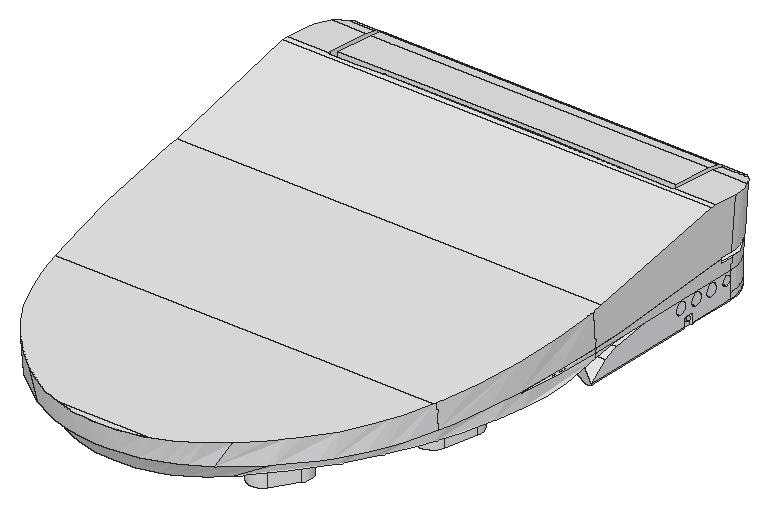
Revit family "Toilet_Seat-Elongated_Closed_Front-Cleansing-KOHLER-C3_1150-K-28362X_1", category Plumbing Fixtures, host Face, Revit 2021 (continued)
Definition of nested family "K-28362X"
  Lines and regions (in)
    symbolic lines, detail levels medium+fine
      curve 160: line (0, -1.81213, 1.21466) -> (0, -1.73983, 1.21466)
      curve 161: line (0, -3.29005, 1.39239) -> (0, -3.54651, 1.39239)
      curve 162: arc (0, -3.54651, 1.39239) -> (0, -3.60219, 1.36933) -> (0, -3.62525, 1.31365) r 0.07874
      curve 163: arc (0, -3.21131, 1.31365) -> (0, -3.23438, 1.36933) -> (0, -3.29005, 1.39239) r 0.07874
      curve 164: line (0, -3.21131, 1.31365) -> (0, -3.21131, 0.91732)
      curve 165: line (0, -3.62525, 1.31365) -> (0, -3.62525, 0.91732)
      curve 166: line (0, -3.12425, 1.38413) -> (0, -3.25494, 1.38413)
      curve 167: line (0, -2.46022, 1.17441) -> (0, -2.89432, 1.17441)
      curve 168: line (0, -1.81213, 1.176) -> (0, -0.20812, 1.176)
      curve 169: line (0, -1.81213, 1.21466) -> (0, -3.02881, 1.21466)
      curve 170: line (0, -1.89181, 1.21466) -> (0, -1.89181, 1.86201)
      curve 171: line (0, -2.24297, 1.86201) -> (0, -2.24297, 1.46831)
      curve 172: line (0, -2.24297, 1.46831) -> (0, -2.28177, 1.46831)
      curve 173: arc (0, -1.89181, 1.86201) -> (0, -2.06739, 2.03759) -> (0, -2.24297, 1.86201) r 0.17558
      curve 174: arc (0, -2.28177, 1.46831) -> (0, -2.57705, 1.76359) -> (0, -2.87232, 1.46831) r 0.29528
      curve 175: line (0, -2.87232, 1.46831) -> (0, -2.87232, 1.21466)
      curve 176: line (0, 0, 1.84336) -> (0, -0.19685, 1.84336)
      curve 177: line (0, -0.19685, 1.84336) -> (0, -0.19685, 1.38413)
      curve 178: line (0, -4.93094, 0.43136) -> (0, -4.44497, 0.91732)
      curve 179: line (0, -7.83541, 1.13476) -> (0, -3.61139, 1.13476)
      curve 180: line (0, -3.21131, 1.11549) -> (0, -3.02462, 1.11549)
      curve 181: line (0, -1.81213, 1.11549) -> (0, -0.26864, 1.11549)
      curve 182: line (0, -7.2775, 1.58243) -> (0, -7.46952, 1.176)
      curve 183: line (0, -7.46952, 1.176) -> (0, -7.21084, 0.91732)
      curve 184: spline (0, -0.0414, 3.06767) -> (0, -0.0578, 3.05496) -> (0, -0.07649, 3.04095) -> (0, -0.09744, 3.02569) -> (0, -0.12062, 3.00919) -> (0, -0.14598, 2.99148) -> (0, -0.17347, 2.97261) -> (0, -0.20306, 2.95259) -> (0, -0.23467, 2.93147) -> (0, -0.26827, 2.90929) -> (0, -0.30378, 2.88607) -> (0, -0.34114, 2.86188) -> (0, -0.38029, 2.83674)
      curve 185: spline (0, -0.38029, 2.83674) -> (0, -0.41028, 2.81904) -> (0, -0.44157, 2.80228) -> (0, -0.47411, 2.78649) -> (0, -0.50787, 2.77169) -> (0, -0.5428, 2.75789) -> (0, -0.57885, 2.74512) -> (0, -0.61599, 2.73339) -> (0, -0.65415, 2.72272) -> (0, -0.6933, 2.71311) -> (0, -0.73338, 2.70459) -> (0, -0.77434, 2.69717) -> (0, -0.81613, 2.69084)
      curve 186: spline (0, -0.73733, 2.51115) -> (0, -0.64545, 2.53324) -> (0, -0.55822, 2.55555) -> (0, -0.47606, 2.57799) -> (0, -0.39936, 2.60044) -> (0, -0.3285, 2.6228) -> (0, -0.26382, 2.64496) -> (0, -0.20561, 2.66681) -> (0, -0.15417, 2.68825) -> (0, -0.10974, 2.70918) -> (0, -0.07252, 2.7295) -> (0, -0.04271, 2.7491) -> (0, -0.02044, 2.7679)
      curve 187: arc (0, -1.76225, 1.85681) -> (0, -2.48359, 2.44738) -> (0, -3.12425, 1.77014) r 0.68413
      curve 188: line (0, -0.81613, 2.69084) -> (0, -2.3823, 2.52623)
      curve 189: line (0, -2.3823, 2.52623) -> (0, -4.64974, 2.44705)
      curve 190: line (0, -4.64974, 2.44705) -> (0, -12.87318, 2.0243)
      curve 191: arc (0, -12.87318, 2.0243) -> (0, -16.58763, 1.88077) -> (0, -20.30454, 1.83193) r 145.87605
      curve 192: arc (0, -20.0352, 1.78733) -> (0, -18.95252, 1.77332) -> (0, -17.86985, 1.78733) r 41.85311
      curve 193: arc (0, -17.86985, 1.78733) -> (0, -11.74924, 2.00831) -> (0, -5.63442, 2.35433) r 299.69268
      curve 194: arc (0, -5.63442, 2.35433) -> (0, -3.96644, 2.44313) -> (0, -2.29667, 2.48668) r 61.60574
      curve 195: arc (0, -2.29667, 2.48668) -> (0, -1.51569, 2.41541) -> (0, -0.73733, 2.51115) r 3.68202
      curve 196: arc (0, -6.96153, 1.62123) -> (0, -5.31908, 2.02172) -> (0, -3.68462, 2.45366) r 88.10831
      curve 197: arc (0, -6.85664, 1.76042) -> (0, -5.37976, 2.06015) -> (0, -3.92271, 2.44485) r 26.0288
      curve 198: arc (0, -5.09167, 2.3882) -> (0, -6.44282, 2.11565) -> (0, -7.80571, 1.90965) r 28.11493
      curve 199: arc (0, -7.80571, 1.90965) -> (0, -11.43775, 1.56762) -> (0, -15.08414, 1.45572) r 57.7178
      curve 200: arc (0, -15.08414, 1.45572) -> (0, -17.41157, 1.43448) -> (0, -19.7381, 1.36642) r 115.70256
      curve 201: line (0, -15.73157, 1.22238) -> (0, -17.50306, 1.19888)
      curve 202: line (0, -15.87791, 1.1253) -> (0, -17.33245, 1.10601)
      curve 203: line (0, -10.74329, 1.2966) -> (0, -13.00946, 1.2966)
      curve 204: line (-7.4128, -3.65709, 0) -> (-7.45552, -6.10457, 0)
      curve 205: line (0, -5.29395, 0.84881) -> (0, -4.96736, 0.84881)
      curve 206: line (0, -4.94137, 0.8748) -> (0, -4.94137, 0.91732)
      curve 207: line (0, -5.32277, 0.87763) -> (0, -5.32277, 0.91732)
      curve 208: arc (0, -4.96736, 0.84881) -> (0, -4.94898, 0.85642) -> (0, -4.94137, 0.8748) r 0.02599
      curve 209: arc (0, -5.29395, 0.84881) -> (0, -5.31433, 0.85725) -> (0, -5.32277, 0.87763) r 0.02882
      curve 210: arc (6.62148, 0, 1.83956) -> (6.33623, 0, 1.77928) -> (6.04824, 0, 1.7338) r 5.64484
      curve 211: line (-1.02586, 0, 0.91732) -> (-1.02586, 0, 1.02814)
      curve 212: line (1.02586, 0, 0.91732) -> (1.02586, 0, 1.02814)
      curve 213: line (-7.47268, 0, 3.77612) -> (-7.47268, 0, 3.99081)
      curve 214: arc (-7.31333, 0, 1.97927) -> (-7.29087, 0, 1.89978) -> (-7.26172, 0, 1.82249) r 0.96754
      curve 215: arc (-7.23601, 0, 1.6956) -> (-7.28764, 0, 1.77429) -> (-7.31333, 0, 1.86482) r 0.31058
      curve 216: arc (-7.31333, 0, 2.04835) -> (-6.69764, 0, 1.81807) -> (-6.0457, 0, 1.73392) r 2.86996
      curve 217: arc (7.31333, 0, 1.88549) -> (7.2553, 0, 1.79061) -> (7.18154, 0, 1.70736) r 0.63206
      curve 218: arc (7.21401, 0, 1.67304) -> (7.27102, 0, 1.73929) -> (7.31333, 0, 1.81577) r 0.42666
      curve 219: arc (7.31333, 0, 2.0486) -> (6.9705, 0, 1.93382) -> (6.62148, 0, 1.83956) r 6.09695
  Dimensions and locks (in)
    locked: plane 11 to plane 1 "Center (Front/Back)" at 20.43307
    locked: plane 11 to plane 12 at 19.62992
    locked: plane 18 to plane 17 at 7.88189
    locked: plane 16 to plane 15 at 11.42126
    locked: plane 19 to level at 4.48425
    locked: plane 19 to plane 20 at 3.56693
    locked: plane 22 to plane 20 at 1.81102
    locked: plane 23 to plane 20 at 1.43701
    plane 10 to plane 9 = 15.06299"
    aligned and locked: plane 2 to level
    aligned and locked: plane 28 to Masking region 1
    aligned and locked: plane 31 to Masking region 2
